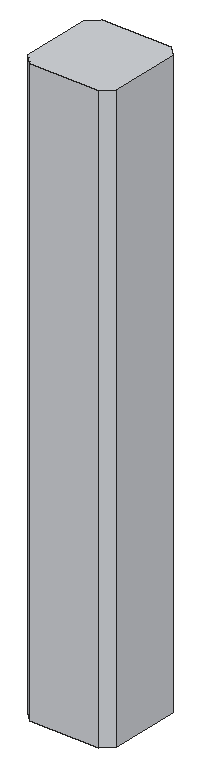
Revit family
Parameters (values of type "457 x 457mm")
  Depth = 457 mm
  Material = none
  Offset Base = 0 mm
  Offset Top = 0 mm
  Width = 457 mm
Types (4, lengths in mm): name | Depth | Width
  (no name) | 457 | 457
  457 x 457mm | 457 | 457
  457 x 610mm | 610 | 457
  610 x 610mm | 610 | 610
Reference planes
  plane 1 "Center (Front/Back)": y = 0
  plane 2: z = 0
  plane 3 "Center (Left/Right)": x = 15.208
  plane 4 "Left": x = -213.292
  plane 5 "Right": x = 243.708
  plane 6 "Back": y = 228.5
  plane 7 "Front": y = -228.5
  plane 8: z = 3000
  plane 9: z = 0
Forms (mm)
  Extrusion 1, solid, material <- "Material"
    sketch origin (0, 0, 0) x (1, 0, 0) y (0, 1, 0)
      loop
        line (-162.292, 228.5) -> (-213.292, 177.5) -> (-213.292, -177.5) -> (-162.292, -228.5) -> (192.708, -228.5) -> (243.708, -177.5) -> (243.708, 177.5) -> (192.708, 228.5) -> (-162.292, 228.5)
    from 0 to 3000
Dimensions and locks
  equal spacing: plane 4 "Left", plane 3 "Center (Left/Right)", plane 5 "Right"
  equal spacing: plane 7 "Front", plane 1 "Center (Front/Back)", plane 6 "Back"
  "Width": plane 4 "Left" to plane 5 "Right"
  "Depth": plane 7 "Front" to plane 6 "Back"
  "Offset Top": level to plane 8
  "Offset Base": plane 9 to level
  aligned and locked: Extrusion 1 to plane 9
  aligned and locked: plane 8 to Extrusion 1
Automatic sketch dimensions
  Extrusion 1 sketch curve to plane 4 "Left" = 0 mm
  Extrusion 1 sketch curve to plane 7 "Front" = 0 mm
  Extrusion 1 sketch curve to plane 6 "Back" = 0 mm
  Extrusion 1 sketch curve to plane 5 "Right" = 0 mm
  Extrusion 1 sketch curve to plane 4 "Left" = 51 mm  (x2)
  plane 5 "Right" to Extrusion 1 sketch curve = 51 mm  (x2)
  Extrusion 1 sketch curve to plane 7 "Front" = 51 mm  (x2)
  plane 6 "Back" to Extrusion 1 sketch curve = 51 mm  (x2)
